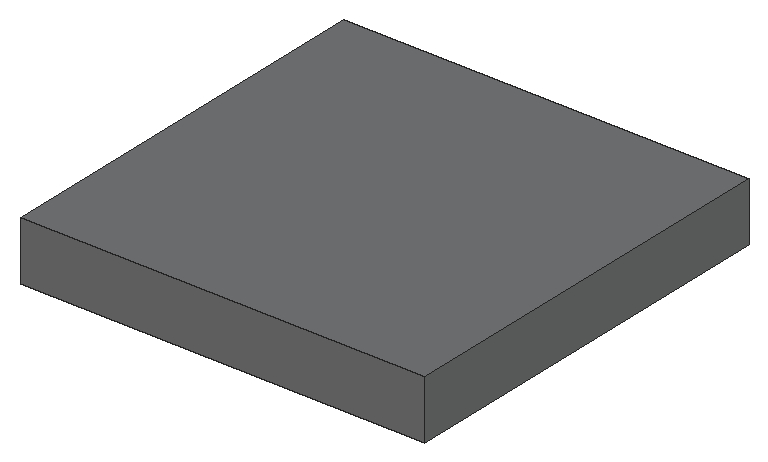
Revit family "Gira_028726", category Electrical Fixtures, host Face, Revit 2017
Family settings
  Host = Face
  Maintain Annotation Orientation = No
  Round Connector Dimension = Use Diameter
  Part Type = Normal
  Cut with Voids When Loaded = No
  Shared = No
  Room Calculation Point = No
Parameters (values of type "Rocker sym.door System 55 c.alum.")
  With exchangeable lens/symbol = "No"
  URL = "http://katalog.gira.de/en/datenblatt.html?artikelnr=028726"
  Suitable for touch sensor connector for bus system = "No"
  Scannable symbol / barrier free = "No"
  Name = "Rocker sym.door System 55 c.alum."
  Monitoring window/light outlet = "Yes"
  Model = "Single rocker"
  Manufacturer URL = "https://www.gira.de/"
  Manufacturer = "Gira"
  Keynote = ""
  HeinzeBIM = "https://bimportal.heinze.de/bim/rocker-sym-door-system-55-c-alum-/87bdf06f4d5e9acf3b95001157449916a033e48e"
  HAN = "028726"
  GTIN = "4010337287261"
  Description = "Rock.sym.door Sys55 CAl,Rocker with symbol,Door,colour aluminium,"
  Default Elevation = 1219.2 mm
  Data sheet (1) = "https://katalog.gira.de/en/download.html?artikelnr=028726"
  Category = "Control element/cover plate for domestic switching devices"
  BIM (1) = "https://media.stage.bim.site/public/gira/36a6b08/Sys55_Abdeckung_Schalten und Tasten.rfa?public/gira/36a6b08/Sys55_Abdeckung_Schalten und Tasten.rfa"
  Available = "No"
  Anthrazit [instance] = Anthrazit
Reference planes
  plane 1 "Center (Front/Back)": y = 0
  plane 2: z = 0
  plane 3 "Center (Left/Right)": x = 0
Forms (mm)
  Extrusion 1, solid, material "Anthrazit" <- "Anthrazit", detail levels fine
    sketch origin (0, 0, 0) x (1, 0, 0) y (0, 1, 0)
      loop
        line (-27.5, 27.5) -> (-27.5, -27.5) -> (27.5, -27.5) -> (27.5, 27.5) -> (-27.5, 27.5)
    from 0 to 8
  Extrusion 2, void
    sketch origin (0, 0, 0) x (1, 0, 0) y (0, 1, 0)
      loop
        line (26, 26) -> (-26, 26) -> (-26, -26) -> (26, -26) -> (26, 26)
    from 0 to 6
  Extrusion 3, solid, material "Anthrazit" <- "Anthrazit", detail levels medium
    sketch origin (0, 0, 0) x (1, 0, 0) y (0, 1, 0)
      loop
        line (-27.5, 27.5) -> (-27.5, -27.5) -> (27.5, -27.5) -> (27.5, 27.5) -> (-27.5, 27.5)
    from 0 to 8
  Extrusion 4, solid, material "Anthrazit" <- "Anthrazit", detail levels medium
    sketch origin (0, 0, 0) x (1, 0, 0) y (0, 1, 0)
      loop
        line (11, -17.5) -> (11, 17.5) -> (-11, 17.5) -> (-11, -17.5) -> (11, -17.5)
    from -6 to 6
  Extrusion 5, solid, material "Anthrazit" <- "Anthrazit", detail levels fine
    sketch origin (0, 0, 0) x (1, 0, 0) y (0, 1, 0)
      loop
        line (11, 17.5) -> (-11, 17.5) -> (-11, 16.5) -> (11, 16.5) -> (11, 17.5)
      loop
        line (-11, -16.5) -> (-11, -17.5) -> (11, -17.5) -> (11, -16.5) -> (-11, -16.5)
    from -4 to 6
  Extrusion 6, solid, material "Anthrazit" <- "Anthrazit", detail levels fine
    sketch origin (0, 0, 0) x (1, 0, 0) y (0, 1, 0)
      loop
        arc (5, 9.347) -> (0, 10.6) -> (-5, 9.347) r 10.6
        line (-5, 9.347) -> (-5, -9.347)
        arc (-5, -9.347) -> (0, -10.6) -> (5, -9.347) r 10.6
        line (5, -9.347) -> (5, 9.347)
    from -6 to 6
  Extrusion 7, solid, material "Anthrazit" <- "Anthrazit", detail levels coarse
    sketch origin (0, 0, 0) x (1, 0, 0) y (0, 1, 0)
      loop
        line (-27.5, 27.5) -> (-27.5, -27.5) -> (27.5, -27.5) -> (27.5, 27.5) -> (-27.5, 27.5)
    from -6 to 8
Cuts and joins
  Extrusion 2 cuts Extrusion 1
Dimensions and locks
  aligned and locked: plane 2 to host face
  aligned and locked: level to host face
